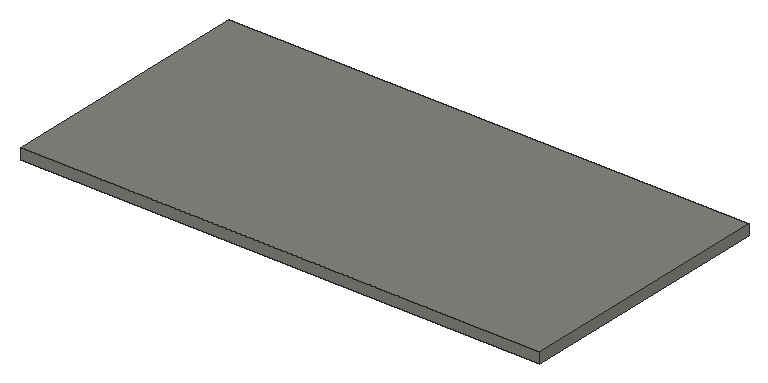
Revit family "Armatherm500_US", category Specialty Equipment, host Face, Revit 2026
Family settings
  Host = Face
  Round Connector Dimension = Use Diameter
  Part Type = Normal
  Enable Cutting in Views = No
  Cut with Voids When Loaded = No
  Maintain Annotation Orientation = No
  Shared = No
  Room Calculation Point = No
Parameters (values of type "500-280")
  _ObjectUserGuide = ""
  _DistributedBy = "www.bimstore.co"
  _CurrentRevision = 1
  _CreatedBy = "www.bimstore.co"
  _BimSpecGuid = 0
  _BSBibleVersion = 16
  _AuthorizedBy = "bimstore"
  _Author = "AM"
  WarrantyStartDate [instance] = "Please record on commissioning"
  WarrantyGuarantorParts = "sales@armatherm.com"
  WarrantyGuarantorLabor = "sales@armatherm.com"
  WarrantyDurationUnit = "Year"
  WarrantyDurationParts = "0"
  WarrantyDurationLabor = "0"
  WarrantyDescription = "n/a"
  Thickness = 50.80 mm
  ThermalConductivity = "0.53 BTU in/hr ft2 F"
  ThermalBreakMaterial = Armadillo_ThermalBreakMaterial_Armatherm500-280
  RValuePerInch = "1.9"
  Product data url = "https://www.bimobject.com/armatherm/product/armatherm-500-series"
  NBSOfficeMasterTag = "n/a"
  URL = "https://www.armatherm.com/"
  TypeName = Type Comments  # "Thermal break"
  Type Comments = "Thermal break"
  SpareParts = "n/a"
  Size = "n/a"
  Shape = "n/a"
  SerialNumber [instance] = "Please record on commissioning"
  ReplacementCost = "n/a"
  ReferencedStandard = "n/a"
  ProductionYear = "2020"
  NominalDepth [instance] = Depth  # 1219.20 mm
  NBSReference = "45-75-42/399"
  NBSObjectName = "Armadillo Thermal break connection plates"
  NBSNote = ""
  NBSDescription = "Thermal break connection plates"
  ModelReference = Type Comments  # "Thermal break"
  ModelNumber = Model  # "Armatherm 500"
  Model = "Armatherm 500"
  MinimumOperatingTemperature = "-300°F"
  MaximumOperatingTemperature = "+175°F"
  Material = "High strength polyurethane"
  ManufacturerName = "Armadillo"
  Manufacturer = "Armadillo"
  Length [instance] = 2438.40 mm
  Keynote = "G"
  InstallationDate [instance] = "Please record on commissioning"
  IfcExportType = "INSULATION"
  IfcExportAs = "IfcCoveringType"
  Grade = "n/a"
  Finish = "n/a"
  Features = "n/a"
  ExpectedLife = 0
  DurationUnit = "Year"
  DocumentationTechnical = "https://www.bimstore.co/products/armatherm-500-thermal-break/document/technical-data-sheet"
  DocumentationMaintenance = "https://www.armatherm.com/"
  DocumentationLiterature = "https://www.bimstore.co/products/armatherm-500-thermal-break/document/product-literature"
  DocumentationInstallationGuide = "https://www.armatherm.com/"
  DocumentationCertificates = "https://www.armatherm.com/"
  Description = "Armatherm™ 500 is a high strength, polyurethane material made in several densities to support a wide range of loading conditions. Due to it’s closed cell structure, it does not absorb water or moisture and has limited creep under continuous load. The material is thermoset, does not melt and is flame resistant making it an ideal material for use in structural thermal break connections."
  Depth [instance] = 1219.20 mm
  CreatedOn = "2020-01-01 T09:00:00"
  CreatedBy = "sales@armatherm.com"
  NominalLength [instance] = Length  # 2438.40 mm
  NominalHeight = Thickness  # 50.80 mm
  Default Elevation = 1200.00 mm
  Constituents = "n/a"
  CompressiveStress = "PSI 2150"
  CompressiveModulus = "PSI 49,300"
  Color = "n/a"
  CodePerformance = "n/a"
  ClassificationValue = "Pr_35_90_15_89"
  ClassificationName = "Uniclass2015"
  BarCode [instance] = "Please record on commissioning"
  BIMObjectName = "Armadillo_ThermalBreakMaterial_Armatherm500_490"
  AssetType = "Fixed"
  AssetIdentifier [instance] = "Please record on commissioning"
  Assembly Code = "B"
  Area [instance] = Length * Depth  # 2.9729 m²
  AccessibilityPerformance = "n/a"
Types (4, lengths in mm): name | ThermalConductivity | ThermalBreakMaterial | RValuePerInch | CompressiveStress | CompressiveModulus | BIMObjectName
  (no name) | "0.53 BTU in/hr ft2 F" | Armadillo_ThermalBreakMaterial_Armatherm500-280 | "1.9" | "PSI 2150" | "PSI 49,300" | "Armadillo_ThermalBreakMaterial_Armatherm500_490"
  500-150 | "0.32 BTU in/hr ft2 F" | Armadillo_ThermalBreakMaterial_Armatherm500-200 | "3.1" | "PSI 560" | "PSI 18,130" | "Armadillo_ThermalBreakMaterial_Armatherm500_250"
  500-200 | "0.39 BTU in/hr ft2 F" | Armadillo_ThermalBreakMaterial_Armatherm500-200 | "2.6" | "PSI 1100" | "PSI 29,000" | "Armadillo_ThermalBreakMaterial_Armatherm500_320"
  500-280 | "0.53 BTU in/hr ft2 F" | Armadillo_ThermalBreakMaterial_Armatherm500-280 | "1.9" | "PSI 2150" | "PSI 49,300" | "Armadillo_ThermalBreakMaterial_Armatherm500_490"
Reference planes
  plane 1 "Center (Front/Back)": y = 0
  plane 2: z = 0
  plane 3 "Center (Left/Right)": x = 0
  plane 4: x = -1219.2
  plane 5: x = 1219.2
  plane 6: y = -554.362
  plane 7: y = 664.838
  plane 8: z = 50.8
Forms (mm)
  Extrusion 1, solid, material "Armadillo_ThermalBreakMaterial_Armatherm500-280" <- "ThermalBreakMaterial"
    sketch origin (0, 0, 109) x (0, 1, 0) y (-1, 0, 0)
      loop
        line (664.838, 1219.2) -> (-554.362, 1219.2) -> (-554.362, -1219.2) -> (664.838, -1219.2) -> (664.838, 1219.2)
    from -109 to -58.2
Dimensions and locks
  plane 7 to plane 1 "Center (Front/Back)" to plane 6 = 664.838 mm, 554.362 mm
  "Depth": plane 7 to plane 6
  equal spacing: plane 4, plane 3 "Center (Left/Right)", plane 5
  "Length": plane 4 to plane 5
  "Thickness": plane 8 to level
  aligned and locked: plane 2 to host face
  aligned and locked: level to host face
  aligned and locked: Extrusion 1 sketch curve to plane 7
  aligned and locked: plane 4 to Extrusion 1 sketch curve
  aligned and locked: plane 6 to Extrusion 1 sketch curve
  aligned and locked: Extrusion 1 sketch curve to plane 5
  aligned and locked: Extrusion 1 to level
  aligned and locked: Extrusion 1 to plane 8
Automatic sketch dimensions
  host sketch curve to host sketch curve = 2500.00 mm  (x2)
